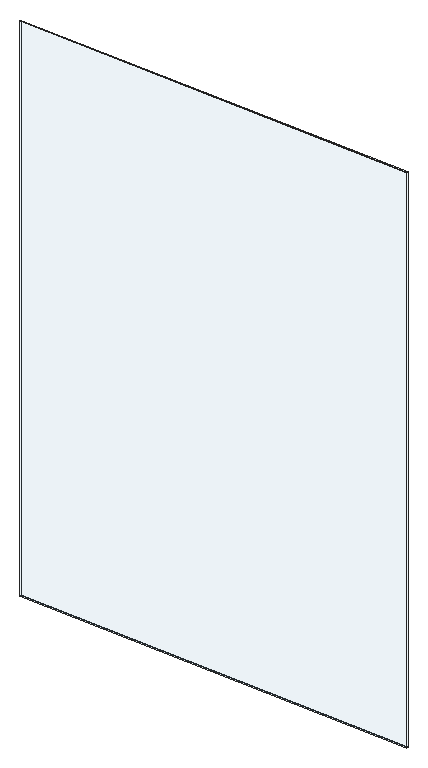
Revit family "ALSPEC Hunter Evo 101.6 SGL Flush GLZ", category Curtain Panels, Revit 2017
Family settings
  OmniClass Number = 23.25.20.14.11.11.17
  OmniClass Title = Infill Panels
  Always vertical = Yes
  Cut with Voids When Loaded = No
  Shared = No
Parameters
  YEAR = "2019"
  VERSION = "2.0"
  TODAYS DATE = "05.02.2019"
  SINGLE GLAZED THICKNESS = 14 mm
  CREATOR = " Scott Isouard"  # constant formula
  COMPANY = "Archvis"  # constant formula
  Assembly Code = ""
  Analytic Construction = "<None>"
  ANZRC Compliant = yes
  A = if(SINGLE GLAZED THICKNESS > 14 mm, 14 mm, if(SINGLE GLAZED THICKNESS < 4 mm, 4 mm, SINGLE GLAZED THICKNESS))  # 14 mm
Reference planes
  plane 1 "Center (Front/Back)": y = 0
  plane 2: z = 0
  plane 3 "Center (Left/Right)": x = 0
  plane 4 "Left": x = -1500
  plane 5 "Right": x = 1500
  plane 6 "Top": z = 4000
  plane 7: z = -50
  plane 8: y = 26.2
  plane 9: y = 40.2
  plane 10: y = 33.2
Forms (mm)
  Extrusion 1, solid, material "Glass"
    sketch origin (0, 0, 0) x (1, 0, 0) y (0, 1, 0)
      loop
        line (-1500, 40.2) -> (-1500, 26.2) -> (1500, 26.2) -> (1500, 40.2) -> (-1500, 40.2)
    from 0 to 4000
Text (mm)
  text "Exterior" at (-2351.972, 1416.179, 0), in view "Ref. Level"
  text "Exterior" at (0, 2290.741, 4406.713), in view "Left"
  text "Exterior" at (0, 1328.187, 4120.349), in view "Right"
Dimensions and locks
  equal spacing: plane 4 "Left", plane 3 "Center (Left/Right)", plane 5 "Right"
  locked: plane 7 to plane 2 at 50
  equal spacing: plane 8, plane 10, plane 9, locked at 7 each
  "A": plane 8 to plane 9
  locked: plane 1 "Center (Front/Back)" to plane 10 at 33.2
  aligned and locked: Extrusion 1 to plane 6 "Top"
  aligned and locked: plane 4 "Left" to Extrusion 1 sketch curve
  aligned and locked: Extrusion 1 sketch curve to plane 5 "Right"
  aligned and locked: Extrusion 1 sketch curve to plane 8
  aligned and locked: plane 9 to Extrusion 1 sketch curve
